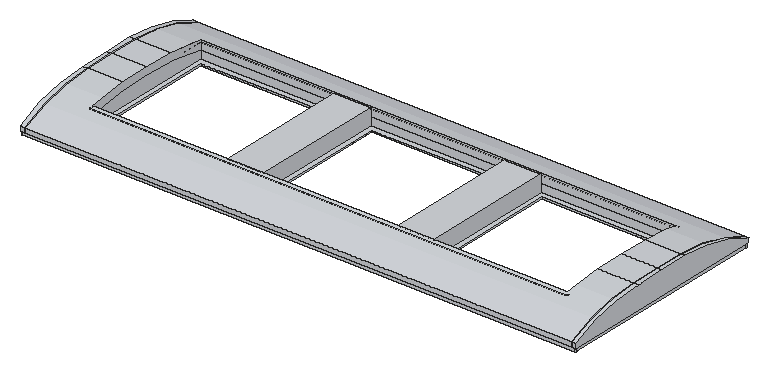
Revit family "Gira_021307", category Electrical Fixtures, host Face, Revit 2017
Family settings
  Host = Face
  Maintain Annotation Orientation = No
  Round Connector Dimension = Use Diameter
  Part Type = Normal
  Cut with Voids When Loaded = No
  Shared = No
  Room Calculation Point = No
Parameters (values of type "Cov.fr. 3-g interm.fr. AN Gira Event p.white m")
  With mounting grid = "No"
  With hinged lid = "No"
  URL = "http://katalog.gira.de/en/datenblatt.html?artikelnr=021307"
  Type of fastening = "Clamp mounting"
  Transparent = "No"
  Surface protection = "Other"
  Suitable for wall duct = "No"
  Suitable for flush-mounted installation = "Yes"
  Suitable for floor box = "No"
  Suitable for built-in installation = "No"
  Number of units vertical = "3"
  Number of units horizontal = "3"
  Number of units = "3"
  Name = "Cov.fr. 3-g interm.fr. AN Gira Event p.white m"
  Mounting direction = "Horizontal and vertical"
  Material quality = "Thermoplastic"
  Material = "Plastic"
  Manufacturer URL = "https://www.gira.de/"
  Manufacturer = "Gira"
  Label space/information surface = "No"
  Keynote = ""
  HeinzeBIM = "https://bimportal.heinze.de/bim/cov-fr-3-g-interm-fr-an-gira-event-p-white-m/d939cdcc613f20b4078074e144214eaa1279cff1"
  Halogen free = "Yes"
  HAN = "021307"
  GTIN = "4010337213079"
  Description = "Cov.fr.3g i.fr.AN Event PWm,Gira Event frames,pure white matt with anthracite intermediate frame,3-gang,Features:,- Shatter-proof."
  Degree of protection (IP) = "IP20"
  Default Elevation = 1219.2 mm
  Data sheet (1) = "https://katalog.gira.de/en/download.html?artikelnr=021307"
  Colour = "White"
  Category = "Cover frame for domestic switching devices"
  BIM (1) = "https://media.stage.bim.site/public/gira/36a6b08/Event_Rahmen_3fach.rfa"
  Available = "No"
Reference planes
  plane 1 "Center (Front/Back)": y = 0
  plane 2: z = 0
  plane 3 "Center (Left/Right)": x = 0
Forms (mm)
  Extrusion 1, solid, detail levels fine
    sketch origin (0, 0, 0.05) x (0, 1, 0) y (0, 0, 1)
      loop
        arc (12.445, 9.683) -> (6.223, 9.833) -> (0, 9.85) r 291.636
        arc (0, 9.85) -> (-6.223, 9.833) -> (-12.445, 9.683) r 291.636
        arc (-12.445, 9.683) -> (-29.14, 7.482) -> (-45, 1.823) r 79.728
        line (-45, 1.823) -> (-45, -0.05) -> (-42.086, -0.05)
        arc (-42.086, -0.05) -> (-21.385, 5.559) -> (0, 7.206) r 114.424
        arc (0, 7.206) -> (21.385, 5.559) -> (42.086, -0.05) r 114.424
        line (42.086, -0.05) -> (45, -0.05) -> (45, 1.823)
        arc (45, 1.823) -> (29.14, 7.482) -> (12.445, 9.683) r 79.728
    from -114.3 to 114.3
  Extrusion 2, void, detail levels fine
    sketch origin (0, 0, 0) x (1, 0, 0) y (0, 1, 0)
      loop
        line (-99.355, -28.053) -> (99.355, -28.053) -> (99.355, 28.053) -> (-99.355, 28.053) -> (-99.355, -28.053)
    from 0.724 to 11
  Extrusion 3, solid, detail levels coarse
    sketch origin (0, 0, 0) x (1, 0, 0) y (0, 1, 0)
      loop
        line (-116.3, 45) -> (-116.3, -45) -> (116.3, -45) -> (116.3, 45) -> (-116.3, 45)
    from -1.5 to 9.9
  Extrusion 4, solid, detail levels medium
    sketch origin (0, 0, 0.05) x (0, 1, 0) y (0, 0, 1)
      loop
        arc (12.445, 9.683) -> (6.223, 9.833) -> (0, 9.85) r 291.636
        arc (0, 9.85) -> (-6.223, 9.833) -> (-12.445, 9.683) r 291.636
        arc (-12.445, 9.683) -> (-29.14, 7.482) -> (-45, 1.823) r 79.728
        line (-45, 1.823) -> (-45, -0.05) -> (45, -0.05) -> (45, 1.823)
        arc (45, 1.823) -> (29.14, 7.482) -> (12.445, 9.683) r 79.728
    from -116.3 to 116.3
  Extrusion 5, solid, detail levels fine
    sketch origin (-71.3, 0, -1.5) x (0, 1, 0) y (0, 0, -1)
      loop
        line (45, -3.373) -> (45, -1.5) -> (-45, -1.5) -> (-45, -3.373)
        arc (-45, -3.373) -> (-29.14, -9.032) -> (-12.445, -11.233) r 79.728
        arc (-12.445, -11.233) -> (-6.223, -11.383) -> (0, -11.4) r 291.636
        arc (0, -11.4) -> (6.223, -11.383) -> (12.445, -11.233) r 291.636
        arc (12.445, -11.233) -> (29.14, -9.032) -> (45, -3.373) r 79.728
    from 43 to 45
  Extrusion 6, solid, detail levels fine
    sketch origin (0, 0, 0) x (1, 0, 0) y (0, 1, 0)
      loop
        line (-97.195, 25.7) -> (-97.195, -25.7) -> (-45.395, -25.7) -> (-45.395, 25.7) -> (-97.195, 25.7)
      loop
        line (25.9, -25.7) -> (25.9, 25.7) -> (-25.9, 25.7) -> (-25.9, -25.7) -> (25.9, -25.7)
      loop
        line (-100.19, 28.49) -> (-100.19, -28.495)
        spline (-100.19, -28.495) -> (-100.181, -28.625) -> (-100.156, -28.754) -> (-100.113, -28.878) -> (-100.056, -28.995) -> (-99.983, -29.104) -> (-99.897, -29.202) -> (-99.798, -29.288) -> (-99.69, -29.361) -> (-99.572, -29.419) -> (-99.448, -29.461) -> (-99.32, -29.486) -> (-99.19, -29.495)
        line (-99.19, -29.495) -> (99.195, -29.495)
        spline (99.195, -29.495) -> (99.325, -29.486) -> (99.454, -29.461) -> (99.578, -29.419) -> (99.695, -29.361) -> (99.804, -29.288) -> (99.902, -29.202) -> (99.988, -29.104) -> (100.061, -28.995) -> (100.119, -28.878) -> (100.161, -28.754) -> (100.186, -28.625) -> (100.195, -28.495)
        line (100.195, -28.495) -> (100.195, 28.49)
        spline (100.195, 28.49) -> (100.186, 28.62) -> (100.161, 28.748) -> (100.119, 28.872) -> (100.061, 28.99) -> (99.988, 29.098) -> (99.902, 29.197) -> (99.804, 29.283) -> (99.695, 29.356) -> (99.578, 29.413) -> (99.454, 29.456) -> (99.325, 29.481) -> (99.195, 29.49)
        line (99.195, 29.49) -> (-99.19, 29.49)
        spline (-99.19, 29.49) -> (-99.32, 29.481) -> (-99.448, 29.456) -> (-99.572, 29.413) -> (-99.69, 29.356) -> (-99.798, 29.283) -> (-99.897, 29.197) -> (-99.983, 29.098) -> (-100.056, 28.99) -> (-100.113, 28.872) -> (-100.156, 28.748) -> (-100.181, 28.62) -> (-100.19, 28.49)
      loop
        line (97.2, -25.7) -> (97.2, 25.7) -> (45.4, 25.7) -> (45.4, -25.7) -> (97.2, -25.7)
    from 0.1 to 7.3
  Extrusion 7, solid
    sketch origin (0, 0, 0) x (1, 0, 0) y (0, 1, 0)
      loop
        arc (-116, -44.2) -> (-115.854, -44.554) -> (-115.5, -44.7) r 0.5
        line (-115.5, -44.7) -> (115.5, -44.7)
        arc (115.5, -44.7) -> (115.854, -44.554) -> (116, -44.2) r 0.5
        line (116, -44.2) -> (116, 44.2)
        arc (116, 44.2) -> (115.854, 44.554) -> (115.5, 44.7) r 0.5
        line (115.5, 44.7) -> (-115.5, 44.7)
        arc (-115.5, 44.7) -> (-115.854, 44.554) -> (-116, 44.2) r 0.5
        line (-116, 44.2) -> (-116, -44.2)
      loop
        line (-114.3, 43) -> (-114.3, -43) -> (114.3, -43) -> (114.3, 43) -> (-114.3, 43)
    from -1.5 to 0.5
  Extrusion 8, solid, detail levels fine
    sketch origin (71.3, 0, -1.5) x (0, 1, 0) y (0, 0, 1)
      loop
        arc (45, 3.373) -> (29.14, 9.032) -> (12.445, 11.233) r 79.728
        arc (12.445, 11.233) -> (6.223, 11.383) -> (0, 11.4) r 291.636
        arc (0, 11.4) -> (-6.223, 11.383) -> (-12.445, 11.233) r 291.636
        arc (-12.445, 11.233) -> (-29.14, 9.032) -> (-45, 3.373) r 79.728
        line (-45, 3.373) -> (-45, 1.5) -> (45, 1.5) -> (45, 3.373)
    from 43 to 45
  Extrusion 9, solid, detail levels medium
    sketch origin (0, 0, 0) x (1, 0, 0) y (0, 1, 0)
      loop
        line (-116, -44.7) -> (116, -44.7) -> (116, 44.7) -> (-116, 44.7) -> (-116, -44.7)
    from -1.5 to 0.5
  Extrusion 10, solid, detail levels fine
    sketch origin (-34.207, 0, 0) x (1, 0, 0) y (0, 1, 0)
      loop
        line (-8.943, 28.063) -> (-8.943, -27.937) -> (6.057, -27.937) -> (6.057, 28.063) -> (-8.943, 28.063)
    from 0.724 to 7.566
  Extrusion 11, solid, detail levels fine
    sketch origin (34.207, 0, 0) x (-1, 0, 0) y (0, -1, 0)
      loop
        line (-8.943, -28.063) -> (6.057, -28.063) -> (6.057, 27.937) -> (-8.943, 27.937) -> (-8.943, -28.063)
    from 0.724 to 7.566
Cuts and joins
  Extrusion 2 cuts Extrusion 1
  Extrusion 2 cuts Extrusion 6
Dimensions and locks
  aligned and locked: plane 2 to host face
  aligned and locked: level to host face
